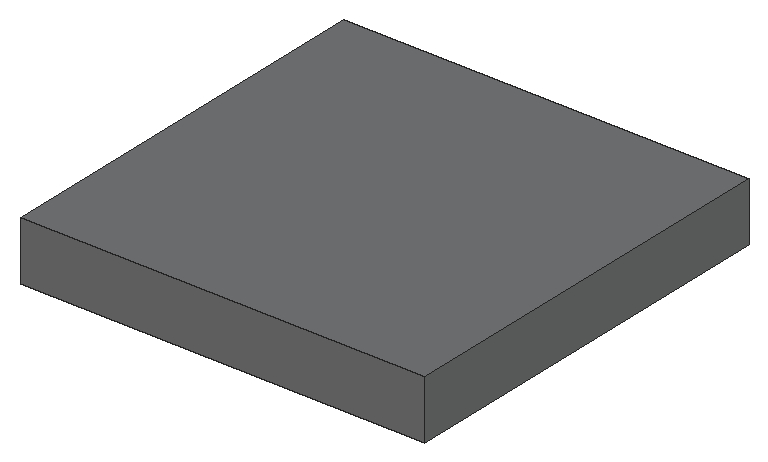
Revit family "Gira_536728", category Electrical Fixtures, host Face, Revit 2017
Family settings
  Host = Face
  Maintain Annotation Orientation = No
  Round Connector Dimension = Use Diameter
  Part Type = Normal
  Cut with Voids When Loaded = No
  Shared = No
  Room Calculation Point = No
Parameters (values of type "S3000 Jal.- + Schaltuhr BT System 55 Anthrazit")
  Werkstoffgüte = "sonstige"
  Werkstoff = "sonstige"
  URL = "http://katalog.gira.de/de_DE/datenblatt.html?artikelnr=536728"
  Transparent = "No"
  Region = "DE"
  Oberfläche = "sonstige"
  Name = "S3000 Jal.- + Schaltuhr BT System 55 Anthrazit"
  Mit LED-Anzeige = "No"
  Mit Abdeckung = "Yes"
  Manufacturer URL = "https://www.gira.de/"
  Keynote = "Sys55_Abdeckung_Schalten und Tasten"
  HeinzeBIM = "https://bimportal.heinze.de/bim/s3000-jal-schaltuhr-bt-system-55-anthrazit/3cd7647f6df747f1ed7e8ea8720742151a0e0f1e"
  Halogenfrei = "Yes"
  HAN = "536728"
  Geeignet für Schalteinsatz = "Yes"
  Geeignet für Jalousieeinsatz = "Yes"
  Geeignet für Dimmeinsatz = "No"
  GTIN = "4010337027546"
  Farbe = "anthrazit"
  Default Elevation = 1219.2 mm
  Data sheet (1) = "https://katalog.gira.de/de_DE/download.html?artikelnr=536728"
  Category = "Bedienelement intelligent"
  Available = "Yes"
  Ausführung der Oberfläche = "nicht zutreffend"
  Anzahl der Tasten = "2 "
  Anzahl der Betätigungspunkte = "4 "
  Anwendung = "Steuern elektrischer Verbraucher"
  Anthrazit [instance] = Anthrazit
Reference planes
  plane 1 "Center (Front/Back)": y = 0
  plane 2: z = 0
  plane 3 "Center (Left/Right)": x = 0
Forms (mm)
  Extrusion 1, solid, material "Anthrazit" <- "Anthrazit", detail levels fine
    sketch origin (0, 0, 0) x (1, 0, 0) y (0, 1, 0)
      loop
        line (-27.5, 27.5) -> (-27.5, -27.5) -> (27.5, -27.5) -> (27.5, 27.5) -> (-27.5, 27.5)
    from 0 to 8
  Extrusion 2, void
    sketch origin (0, 0, 0) x (1, 0, 0) y (0, 1, 0)
      loop
        line (26, 26) -> (-26, 26) -> (-26, -26) -> (26, -26) -> (26, 26)
    from 0 to 6
  Extrusion 3, solid, material "Anthrazit" <- "Anthrazit", detail levels medium
    sketch origin (0, 0, 0) x (1, 0, 0) y (0, 1, 0)
      loop
        line (-27.5, 27.5) -> (-27.5, -27.5) -> (27.5, -27.5) -> (27.5, 27.5) -> (-27.5, 27.5)
    from 0 to 8
  Extrusion 4, solid, material "Anthrazit" <- "Anthrazit", detail levels medium
    sketch origin (0, 0, 0) x (1, 0, 0) y (0, 1, 0)
      loop
        line (11, -17.5) -> (11, 17.5) -> (-11, 17.5) -> (-11, -17.5) -> (11, -17.5)
    from -6 to 6
  Extrusion 5, solid, material "Anthrazit" <- "Anthrazit", detail levels fine
    sketch origin (0, 0, 0) x (1, 0, 0) y (0, 1, 0)
      loop
        line (11, 17.5) -> (-11, 17.5) -> (-11, 16.5) -> (11, 16.5) -> (11, 17.5)
      loop
        line (-11, -16.5) -> (-11, -17.5) -> (11, -17.5) -> (11, -16.5) -> (-11, -16.5)
    from -4 to 6
  Extrusion 6, solid, material "Anthrazit" <- "Anthrazit", detail levels fine
    sketch origin (0, 0, 0) x (1, 0, 0) y (0, 1, 0)
      loop
        arc (5, 9.347) -> (0, 10.6) -> (-5, 9.347) r 10.6
        line (-5, 9.347) -> (-5, -9.347)
        arc (-5, -9.347) -> (0, -10.6) -> (5, -9.347) r 10.6
        line (5, -9.347) -> (5, 9.347)
    from -6 to 6
  Extrusion 7, solid, material "Anthrazit" <- "Anthrazit", detail levels coarse
    sketch origin (0, 0, 0) x (1, 0, 0) y (0, 1, 0)
      loop
        line (-27.5, 27.5) -> (-27.5, -27.5) -> (27.5, -27.5) -> (27.5, 27.5) -> (-27.5, 27.5)
    from -6 to 8
Cuts and joins
  Extrusion 2 cuts Extrusion 1
Dimensions and locks
  aligned and locked: plane 2 to host face
  aligned and locked: level to host face
